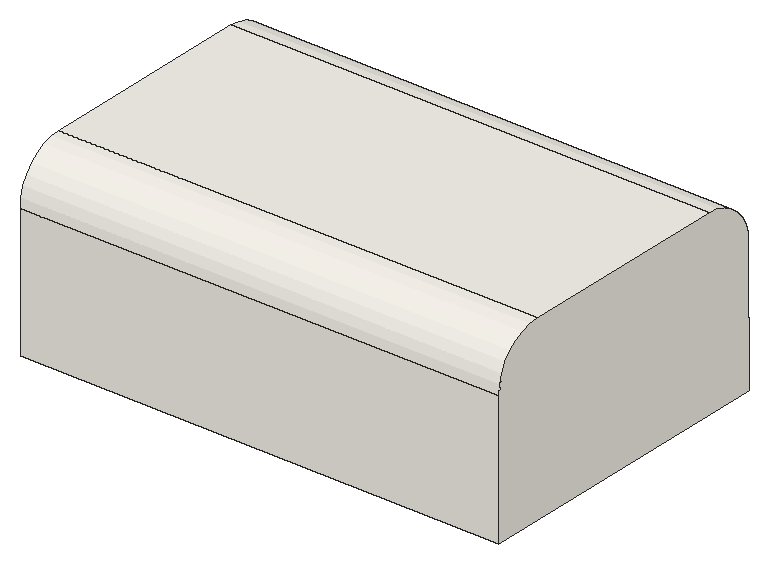
Revit family "Domotics-DomesticRanges-GEWISS-CHORUS_COMMAND-BLANKING_MODULE", category Apparecchi elettrici, host Superficie, Revit 2016
Family settings
  Host = Superficie
  Mantenere orientamento annotazione = Sì
  Tipo di parte = Normale
  Quota connettore circolare = Usa diametro
  Taglio con vuoti quando caricato = Sì
  Condiviso = Sì
  Punto di calcolo locali = Sì
Parameters (values of type "GW14199 - Blanking module 3M titanium")
  Visibilità copriferro [instance] = yes
  Version file RFA = "19.0"
  URL = "https://www.gewiss.com/ww/en"
  Tipo_ = CHORUS COPRIFORO_generico : GW14199 Copriforo 3M titanio
  Thermo-pressure with ball = "125 °C"
  Technical sheet = "https://www.gewiss.com/ww/en/search?q=GW14199"
  Standard; = "EN 60669-1"
  Standard = "EN 60669-1"
  SEO = "Blanking module"
  Realized by GEWISS S.p.A. = ""
  Produttore = "GEWISS S.p.A."
  Offset_copriforo [instance] = 0 mm
  Offset_bidimensionale [instance] = 2 mm
  Default Elevation = 1219.2 mm
  No. Chorus modules = "3"
  Modello = "GW14199"
  Larghezza copriforo = 69 mm
  IDT = "aa89deda-6b8d-4a04-ba6c-0083ea0ab4c4"
  IDF = "26b059a0-c2c7-400f-ae45-4f618bb426d1"
  Glow Wire Test = "850°C"
  Electrocod = "0100"
  EAN code = "8011564266285"
  Distanza_x [instance] = 0 mm
  Distanza_effettiva_x [instance] = 1000 mm - Distanza_x  # 1000 mm
  Descrizione = "BLANKING MODULE, 3M, TITANIUM"
  Description: = "3 gang"
  Colour = "Titanium"
  Category = "Blanking module"
  Catalogue Range = "CHORUS - DOMESTIC RANGE"
  Catalogue = "DOMOTICS"
  COBie.Tagnumber = ""
  COBie.CreatedOn = ""
  COBie.CreatebBy = ""
  COBie.ComponentRegisterItemID = ""
  COBie.Component.TagNumber = ""
  COBie.Component.Space = ""
  COBie.Component.SerialNumber = ""
  COBie.Component.InstallationDate = ""
  COBie.Component.Description = ""
  COBie.Component.BarCode = ""
  Bidimensionale = bidimensionale copriforo bidimensionale : Simbolo bidimensionle
  Altezza_copriforo = 45 mm
Types (12, lengths in mm): name | Tipo_ | Technical sheet | No. Chorus modules | Modello | Larghezza copriforo | IDT | EAN code | Descrizione | Description: | Colour
  GW10195 - Blanking module 1M white | CHORUS COPRIFORO_generico : GW10195 Copriforo 1M bianco | "https://www.gewiss.com/ww/en/search?q=GW10195" | "1" | "GW10195" | 23 | "5de66faf-42e8-4043-93c2-4aad7292b824" | "8011564262287" | "BLANKING MODULE 1M WHITE" | "1 gang" | "White"
  GW10197 - Blanking module 1/2M white | CHORUS COPRIFORO_generico : GW10197 Copriforo 1/2M bianco | "https://www.gewiss.com/ww/en/search?q=GW10197" | "1/2" | "GW10197" | 11.5 | "71115182-98f4-46f7-a55b-ae840597da68" | "8011564260658" | "BLANKING MODULE 1/2M WHITE" | "1/2 gang" | "White"
  GW10198 - Blanking module 2M white | CHORUS COPRIFORO_generico : GW10198 Copriforo 2M bianco | "https://www.gewiss.com/ww/en/search?q=GW10198" | "2" | "GW10198" | 46 | "2c512cdc-2cd8-479e-a21c-3d62455928ff" | "8011564258952" | "BLANKING MODULE 2M WHITE" | "2 gang" | "White"
  GW10199 - Blanking module 3M white | CHORUS COPRIFORO_generico : GW10199 Copriforo 3M bianco | "https://www.gewiss.com/ww/en/search?q=GW10199" | "3" | "GW10199" | 69 | "1d9187c9-d82a-4bcd-ab64-3b5c732a054a" | "8011564259027" | "BLANKING MODULE 3M WHITE" | "3 gang" | "White"
  GW12195 - Blanking module 1M black | CHORUS COPRIFORO_generico : GW12195 Copriforo 1M nero | "https://www.gewiss.com/ww/en/search?q=GW12195" | "1" | "GW12195" | 23 | "dcf05aba-3c13-412b-af5d-5f574e8a9485" | "8011564269668" | "BLANKING MODULE, 1M, BLACK" | "1 gang" | "Black"
  GW12197 - Blanking module 1/2M black | CHORUS COPRIFORO_generico : GW12197 Copriforo 1/2M nero | "https://www.gewiss.com/ww/en/search?q=GW12197" | "1/2" | "GW12197" | 11.5 | "4418fa1c-cb46-49da-a41b-3b9f05c43590" | "8011564266827" | "BLANKING MODULE, 1/2M, BLACK" | "1/2 gang" | "Black"
  GW12198 - Blanking module 2M black | CHORUS COPRIFORO_generico : GW12198 Copriforo 2M nero | "https://www.gewiss.com/ww/en/search?q=GW12198" | "2" | "GW12198" | 46 | "3a5b190c-aed4-4272-9001-f87815af436a" | "8011564266643" | "BLANKING MODULE, 2M, BLACK" | "2 gang" | "Black"
  GW12199 - Blanking module 3M black | CHORUS COPRIFORO_generico : GW12199 Copriforo 3M nero | "https://www.gewiss.com/ww/en/search?q=GW12199" | "3" | "GW12199" | 69 | "c3dd3ba8-80f9-44a1-8cbc-9c9deb66008a" | "8011564266650" | "BLANKING MODULE, 3M, BLACK" | "3 gang" | "Black"
  GW14195 - Blanking module 1M titanium | CHORUS COPRIFORO_generico : GW14195 Copriforo 1M titanio | "https://www.gewiss.com/ww/en/search?q=GW14195" | "1" | "GW14195" | 23 | "f73e0407-8491-4ce9-84c4-f9d5fe718cdf" | "8011564266247" | "BLANKING MODULE, 1M, TITANIUM" | "1 gang" | "Titanium"
  GW14197 - Blanking module 1/2M titanium | CHORUS COPRIFORO_generico : GW14197 Copriforo 1/2M titanio | "https://www.gewiss.com/ww/en/search?q=GW14197" | "1/2" | "GW14197" | 11.5 | "98fbdf32-77c3-421f-8f42-968145ae8bee" | "8011564266261" | "BLANKING MODULE, 1/2M, TITANIUM" | "1/2 gang" | "Titanium"
  GW14198 - Blanking module 2M titanium | CHORUS COPRIFORO_generico : GW14198 Copriforo 2M titanio | "https://www.gewiss.com/ww/en/search?q=GW14198" | "2" | "GW14198" | 46 | "368a180d-48c2-4268-b47c-c3de878d969a" | "8011564266278" | "BLANKING MODULE, 2M, TITANIUM" | "2 gang" | "Titanium"
  GW14199 - Blanking module 3M titanium | CHORUS COPRIFORO_generico : GW14199 Copriforo 3M titanio | "https://www.gewiss.com/ww/en/search?q=GW14199" | "3" | "GW14199" | 69 | "aa89deda-6b8d-4a04-ba6c-0083ea0ab4c4" | "8011564266285" | "BLANKING MODULE, 3M, TITANIUM" | "3 gang" | "Titanium"
Reference planes
  plane 1 "Centro (Fronte/Retro)": y = 0
  plane 2: z = 0
  plane 3 "Centro (Sinistra/Destra)": x = 0
  plane 4: x = -1000
  plane 5: x = 0
  plane 6: z = 0
  plane 7: x = -34.5
  plane 8: x = 34.5
  plane 9: y = -22.5
  plane 10: y = 22.5
  plane 11: z = 29.751
  plane 12: z = 31.751
  plane 13: x = 0
Lines and regions (mm)
  Masking region 1
    outline origin (0, 0, 0) x (1, 0, 0) y (0, 0, 1)
      loop
        line (-34.5, 29.751) -> (-34.5, 0) -> (34.5, 0) -> (34.5, 29.751) -> (-34.5, 29.751)
Dimensions and locks
  plane 4 to plane 3 "Centro (Sinistra/Destra)" = 1000 mm
  equal spacing: plane 7, plane 5, plane 8
  "Altezza_copriforo": plane 10 to plane 9
  "Larghezza copriforo": plane 7 to plane 8
  locked: plane 11 to plane 6 at 29.751
  "Offset_bidimensionale": plane 12 to plane 11
  "Offset_copriforo": plane 6 to plane 2
  "Distanza_effettiva_x": plane 4 to plane 13
  aligned and locked: plane 2 to host face
  aligned and locked: level to host face
  aligned and locked: nested 1 to plane 6
  aligned and locked: plane 5 to nested 1
  aligned and locked: plane 10 to nested 1
  aligned and locked: plane 9 to nested 1
  aligned and locked: plane 5 to nested 2
  aligned and locked: plane 9 to nested 2
  aligned and locked: nested 2 to plane 10
  aligned and locked: Masking region 1 sketch curve to plane 7
  aligned and locked: plane 8 to Masking region 1 sketch curve
  aligned and locked: Masking region 1 sketch curve to plane 11
  aligned and locked: Masking region 1 sketch curve to plane 6
Automatic sketch dimensions
  host sketch curve to host sketch curve = 2438.4 mm  (x2)
Nested families
  nested 1: "CHORUS COPRIFORO_generico" at (0, -10.7, 0) x (0, 1, 0) z (0, 0, 1), visible <- "Visibilità copriferro", type <- "Tipo_", type "GW14199 Copriforo 3M titanio", detail levels medium+fine
    with Spostamento_y_effettivo_etichetta 1000 mm, Spostamento_X_etichetta 0 mm, Spostamento_X_effettivo_etichetta 1000 mm, Distanza orizzontale del simbolo 0 mm, Distanza dal muro 4.208 mm, Cornice simbolo yes
  nested 2: "bidimensionale copriforo bidimensionale" at (0, 0, 28), Altezza copriforo <- "Altezza_copriforo", Larghezza copriforo <- "Larghezza copriforo", type <- "Bidimensionale", type "Simbolo bidimensionle", detail levels coarse
    with Larghezza copriforo 69 mm, Altezza copriforo 45 mm
Definition of nested family "CHORUS COPRIFORO_generico"
  Parameters (values of type "GW10195 Copriforo 1M bianco")
    Spostamento_y_effettivo_etichetta [instance] = 1000 mm
    Spostamento_X_etichetta [instance] = 0 mm
    Spostamento_X_effettivo_etichetta [instance] = 1000 mm - Spostamento_X_etichetta  # 1000 mm
    SIMBOLO = SIMBOLO COPRIFORO : 1M
    Default Elevation = 1219.2 mm
    Manufacturer = "GEWISS"
    Model = "GW10195"
    Materiale = none
    L = 23 mm
    Type Image = (empty or 0)
    IFC.TypeObject = ""
    IFC.ExportType = ""
    IFC.ExportAs = ""
    H = 45 mm
    GEWISS URL = "http://www.gewiss.com/prv/it_IT/index.html"
    GEWISS SCHEDA TECNICA = "http://pro.gewiss.com/irj/portal/?NavigationTarget=pcd:portal_content/com.gewiss.ZPPFDMain/com.gewiss.ZPPFDITMain/com.gewiss.ZPPFDITMainDefault/com.gewiss.ZPPFDITPages/com.gewiss.ZPPFDITPagesAP/com.gewiss.ZPPFDITPagesAPCatalogo/com.gewiss.ZPPPDITAPProductDetail&codProd=GW10195"
    Distanza orizzontale del simbolo [instance] = 0 mm
    Distanza dal muro [instance] = 4.208 mm
    Description = "COPRIFORO 1M BIANCO"
    Cornice simbolo [instance] = yes
    Type Comments = ""
    COBie.CreatedOn = ""
    COBie.CreatebBy = ""
    COBie.ComponentRegisterItemID = ""
    COBie.Component.TagNumber = ""
    COBie.Component.Space = ""
    COBie.Component.SerialNumber = ""
    COBie.Component.InstallationDate = ""
    COBie.Component.Description = ""
    COBie.Component.BarCode = ""
  Types (12, lengths in mm): name | Spostamento_y_effettivo_etichetta | Spostamento_X_etichetta | Spostamento_X_effettivo_etichetta | SIMBOLO | Model | L | GEWISS SCHEDA TECNICA | Description
    GW12195 Copriforo 1M nero | 1000 | 0 | 1000 | SIMBOLO COPRIFORO : 1M | "GW12195" | 23 | "http://pro.gewiss.com/irj/portal/?NavigationTarget=pcd:portal_content/com.gewiss.ZPPFDMain/com.gewiss.ZPPFDITMain/com.gewiss.ZPPFDITMainDefault/com.gewiss.ZPPFDITPages/com.gewiss.ZPPFDITPagesAP/com.gewiss.ZPPFDITPagesAPCatalogo/com.gewiss.ZPPPDITAPProductDetail&codProd=GW12195" | "COPRIFORO 1M NERO"
    GW12197 Copriforo 1/2M nero | 1000 | 0 | 1000 | SIMBOLO COPRIFORO : 05M | "GW12197" | 11.5 | "http://pro.gewiss.com/irj/portal/?NavigationTarget=pcd:portal_content/com.gewiss.ZPPFDMain/com.gewiss.ZPPFDITMain/com.gewiss.ZPPFDITMainDefault/com.gewiss.ZPPFDITPages/com.gewiss.ZPPFDITPagesAP/com.gewiss.ZPPFDITPagesAPCatalogo/com.gewiss.ZPPPDITAPProductDetail&codProd=GW12197" | "COPRIFORO 1/2M NERO"
    GW12198 Copriforo 2M nero | 1000 | 0 | 1000 | SIMBOLO COPRIFORO : 2M | "GW12198" | 46 | "http://pro.gewiss.com/irj/portal/?NavigationTarget=pcd:portal_content/com.gewiss.ZPPFDMain/com.gewiss.ZPPFDITMain/com.gewiss.ZPPFDITMainDefault/com.gewiss.ZPPFDITPages/com.gewiss.ZPPFDITPagesAP/com.gewiss.ZPPFDITPagesAPCatalogo/com.gewiss.ZPPPDITAPProductDetail&codProd=GW12198" | "COPRIFORO 2M NERO"
    GW12199 Copriforo 3M nero | 1000 | 0 | 1000 | SIMBOLO COPRIFORO : 3M | "GW12199" | 69 | "http://pro.gewiss.com/irj/portal/?NavigationTarget=pcd:portal_content/com.gewiss.ZPPFDMain/com.gewiss.ZPPFDITMain/com.gewiss.ZPPFDITMainDefault/com.gewiss.ZPPFDITPages/com.gewiss.ZPPFDITPagesAP/com.gewiss.ZPPFDITPagesAPCatalogo/com.gewiss.ZPPPDITAPProductDetail&codProd=GW12199" | "COPRIFORO 3M NERO"
    GW10195 Copriforo 1M bianco | 1000 | 0 | 1000 | SIMBOLO COPRIFORO : 1M | "GW10195" | 23 | "http://pro.gewiss.com/irj/portal/?NavigationTarget=pcd:portal_content/com.gewiss.ZPPFDMain/com.gewiss.ZPPFDITMain/com.gewiss.ZPPFDITMainDefault/com.gewiss.ZPPFDITPages/com.gewiss.ZPPFDITPagesAP/com.gewiss.ZPPFDITPagesAPCatalogo/com.gewiss.ZPPPDITAPProductDetail&codProd=GW10195" | "COPRIFORO 1M BIANCO"
    GW10197 Copriforo 1/2M bianco | 1000 | 0 | 1000 | SIMBOLO COPRIFORO : 05M | "GW10197" | 11.5 | "http://pro.gewiss.com/irj/portal/?NavigationTarget=pcd:portal_content/com.gewiss.ZPPFDMain/com.gewiss.ZPPFDITMain/com.gewiss.ZPPFDITMainDefault/com.gewiss.ZPPFDITPages/com.gewiss.ZPPFDITPagesAP/com.gewiss.ZPPFDITPagesAPCatalogo/com.gewiss.ZPPPDITAPProductDetail&codProd=GW10197" | "COPRIFORO 1/2M BIANCO"
    GW10198 Copriforo 2M bianco | 1000 | 0 | 1000 | SIMBOLO COPRIFORO : 2M | "GW10198" | 46 | "http://pro.gewiss.com/irj/portal/?NavigationTarget=pcd:portal_content/com.gewiss.ZPPFDMain/com.gewiss.ZPPFDITMain/com.gewiss.ZPPFDITMainDefault/com.gewiss.ZPPFDITPages/com.gewiss.ZPPFDITPagesAP/com.gewiss.ZPPFDITPagesAPCatalogo/com.gewiss.ZPPPDITAPProductDetail&codProd=GW10198" | "COPRIFORO 2M BIANCO"
    GW10199 Copriforo 3M bianco | 65 | 725 | 275 | SIMBOLO COPRIFORO : 3M | "GW10199" | 69 | "http://pro.gewiss.com/irj/portal/?NavigationTarget=pcd:portal_content/com.gewiss.ZPPFDMain/com.gewiss.ZPPFDITMain/com.gewiss.ZPPFDITMainDefault/com.gewiss.ZPPFDITPages/com.gewiss.ZPPFDITPagesAP/com.gewiss.ZPPFDITPagesAPCatalogo/com.gewiss.ZPPPDITAPProductDetail&codProd=GW10199" | "COPRIFORO 3M BIANCO"
    GW14195 Copriforo 1M titanio | 1000 | 0 | 1000 | SIMBOLO COPRIFORO : 1M | "GW14195" | 23 | "http://pro.gewiss.com/irj/portal/?NavigationTarget=pcd:portal_content/com.gewiss.ZPPFDMain/com.gewiss.ZPPFDITMain/com.gewiss.ZPPFDITMainDefault/com.gewiss.ZPPFDITPages/com.gewiss.ZPPFDITPagesAP/com.gewiss.ZPPFDITPagesAPCatalogo/com.gewiss.ZPPPDITAPProductDetail&codProd=GW14195" | "COPRIFORO 1M TITANIO"
    GW14197 Copriforo 1/2M titanio | 1000 | 0 | 1000 | SIMBOLO COPRIFORO : 05M | "GW14197" | 11.5 | "http://pro.gewiss.com/irj/portal/?NavigationTarget=pcd:portal_content/com.gewiss.ZPPFDMain/com.gewiss.ZPPFDITMain/com.gewiss.ZPPFDITMainDefault/com.gewiss.ZPPFDITPages/com.gewiss.ZPPFDITPagesAP/com.gewiss.ZPPFDITPagesAPCatalogo/com.gewiss.ZPPPDITAPProductDetail&codProd=GW14197" | "COPRIFORO 1/2M TITANIO"
    GW14198 Copriforo 2M titanio | 1000 | 0 | 1000 | SIMBOLO COPRIFORO : 2M | "GW14198" | 46 | "http://pro.gewiss.com/irj/portal/?NavigationTarget=pcd:portal_content/com.gewiss.ZPPFDMain/com.gewiss.ZPPFDITMain/com.gewiss.ZPPFDITMainDefault/com.gewiss.ZPPFDITPages/com.gewiss.ZPPFDITPagesAP/com.gewiss.ZPPFDITPagesAPCatalogo/com.gewiss.ZPPPDITAPProductDetail&codProd=GW14198" | "COPRIFORO 2M TITANIO"
    GW14199 Copriforo 3M titanio | 1000 | 0 | 1000 | SIMBOLO COPRIFORO : 3M | "GW14199" | 69 | "http://pro.gewiss.com/irj/portal/?NavigationTarget=pcd:portal_content/com.gewiss.ZPPFDMain/com.gewiss.ZPPFDITMain/com.gewiss.ZPPFDITMainDefault/com.gewiss.ZPPFDITPages/com.gewiss.ZPPFDITPagesAP/com.gewiss.ZPPFDITPagesAPCatalogo/com.gewiss.ZPPPDITAPProductDetail&codProd=GW14199" | "COPRIFORO 3M TITANIO"
  Reference planes
    plane 1 "Centro (Fronte/Retro)": y = 0
    plane 2: z = 0
    plane 3 "Centro (Sinistra/Destra)": x = 0
    plane 4: x = 33.2
    plane 5: x = -11.8
    plane 6: x = 0
    plane 7: x = 10.7
    plane 8: y = 11.5
    plane 9: y = -11.5
    plane 10: through (-60.367, 53, 1200) normal (0.9613, 0.2756, 0)
    plane 11: through (-48.369, -19.812, 1200) normal (-0.6428, 0.766, 0)
  Forms (mm)
    Extrusion 1, solid, material <- "Materiale"
      sketch origin (0, 0, 0) x (1, 0, 0) y (0, 0, 1)
        loop
          line (-11.8, 19.033) -> (-11.8, 0) -> (33.2, 0) -> (33.2, 19.033)
          arc (33.2, 19.033) -> (31.15, 23.983) -> (26.2, 26.033) r 7
          line (26.2, 26.033) -> (-4.8, 26.033)
          arc (-4.8, 26.033) -> (-9.75, 23.983) -> (-11.8, 19.033) r 7
      from -11.5 to 11.5
  Text (mm)
    text "B=C*A" at (54.401, 20.009, 0), in view "Livello rif."
  Dimensions and locks
    equal spacing: plane 8, plane 1 "Centro (Fronte/Retro)", plane 9
    "L": plane 8 to plane 9
    equal spacing: plane 5, plane 7, plane 4
    "H": plane 5 to plane 4
    radius of Extrusion 1 sketch curve = 7 mm  (x2)
    angle plane 1 "Centro (Fronte/Retro)" to plane 7 = 90.00°
    angle plane 11 to plane 10 = 66.00°
    angle plane 10 to plane 11 = 114.00°
    aligned and locked: level to plane 2
    aligned and locked: Extrusion 1 sketch curve to plane 5
    aligned and locked: Extrusion 1 sketch curve to plane 4
    aligned and locked: Extrusion 1 sketch curve to level
    aligned and locked: plane 8 to Extrusion 1
    aligned and locked: Extrusion 1 to plane 9
  Automatic sketch dimensions
    level to Extrusion 1 sketch curve = 19.033 mm
Definition of nested family "bidimensionale copriforo bidimensionale"
  Parameters (values of type "Simbolo bidimensionle")
    Larghezza copriforo [instance] = 46 mm
    Simbolo bidimensionale = yes
    Altezza copriforo [instance] = 45 mm
  Reference planes
    plane 1 "Centro (Fronte/Retro)": y = 0
    plane 2: z = 0
    plane 3 "Centro (Sinistra/Destra)": x = 0
    plane 4: x = -23
    plane 5: x = 23
    plane 6: y = 22.5
    plane 7: y = -22.5
  Lines and regions (mm)
    model lines, not visible
      curve 1: line (-23, -22.5, 0) -> (-23, 22.5, 0)
      curve 2: line (23, -22.5, 0) -> (-23, -22.5, 0)
      curve 3: line (23, 22.5, 0) -> (23, -22.5, 0)
      curve 4: line (-23, 22.5, 0) -> (23, 22.5, 0)
      curve 13: line (-23, -22.5, 0) -> (-23, 22.5, 0)
      curve 14: line (23, -22.5, 0) -> (-23, -22.5, 0)
      curve 15: line (23, 22.5, 0) -> (23, -22.5, 0)
      curve 16: line (-23, 22.5, 0) -> (23, 22.5, 0)
      curve 17: line (-23, -22.5, 0) -> (-23, 22.5, 0)
      curve 18: line (23, -22.5, 0) -> (-23, -22.5, 0)
      curve 19: line (23, 22.5, 0) -> (23, -22.5, 0)
      curve 20: line (15.279, -20, 0) -> (21.613, -20, 0)
      curve 21: line (15.279, -13.67, 0) -> (15.279, -20, 0)
      curve 22: line (21.613, -13.67, 0) -> (15.279, -13.67, 0)
      curve 23: line (21.613, -20, 0) -> (21.613, -13.67, 0)
      curve 24: line (-23, 22.5, 0) -> (23, 22.5, 0)
    model lines, visible <- "Simbolo bidimensionale"
      curve 5: line (-23, -22.5, 0) -> (-23, 22.5, 0)
      curve 6: line (23, -22.5, 0) -> (-23, -22.5, 0)
      curve 7: line (23, 22.5, 0) -> (23, -22.5, 0)
      curve 8: line (-23, 22.5, 0) -> (23, 22.5, 0)
    model lines
      curve 9: line (-23, -22.5, 0) -> (-23, 22.5, 0)
      curve 10: line (23, -22.5, 0) -> (-23, -22.5, 0)
      curve 11: line (23, 22.5, 0) -> (23, -22.5, 0)
      curve 12: line (-23, 22.5, 0) -> (23, 22.5, 0)
  Dimensions and locks
    equal spacing: plane 6, plane 1 "Centro (Fronte/Retro)", plane 7
    equal spacing: plane 4, plane 3 "Centro (Sinistra/Destra)", plane 5
    "Larghezza copriforo": plane 4 to plane 5
    "Altezza copriforo": plane 6 to plane 7
    aligned and locked: level to plane 2
    aligned and locked: curve 12 to plane 6
    aligned and locked: plane 4 to curve 9
    aligned and locked: plane 7 to curve 10
    aligned and locked: curve 11 to plane 5
  Automatic sketch dimensions
    curve 10 to curve 9 = 45 mm
    curve 17 to curve 22 = 38.279 mm
    curve 21 to curve 23 = 6.335 mm
    curve 18 to curve 21 = 2.5 mm
    curve 20 to curve 21 = 6.33 mm
    curve 18 to curve 17 = 45 mm
    curve 22 to curve 19 = 1.387 mm
    curve 1 to curve 3 = 46 mm
    curve 2 to curve 3 = 45 mm
    curve 13 to curve 15 = 46 mm
    curve 14 to curve 15 = 45 mm
    curve 7 to plane 5 = 0 mm
    curve 7 to plane 7 = 0 mm
    curve 7 to plane 6 = 0 mm
    curve 8 to plane 4 = 0 mm
    curve 8 to plane 5 = 0 mm
    curve 8 to plane 6 = 0 mm
    curve 5 to curve 5 = 45 mm
    curve 5 to plane 4 = 0 mm
    curve 5 to plane 7 = 0 mm
    curve 5 to plane 6 = 0 mm
    curve 6 to curve 6 = 46 mm
    curve 6 to plane 4 = 0 mm
    curve 6 to plane 5 = 0 mm
    curve 6 to plane 7 = 0 mm
